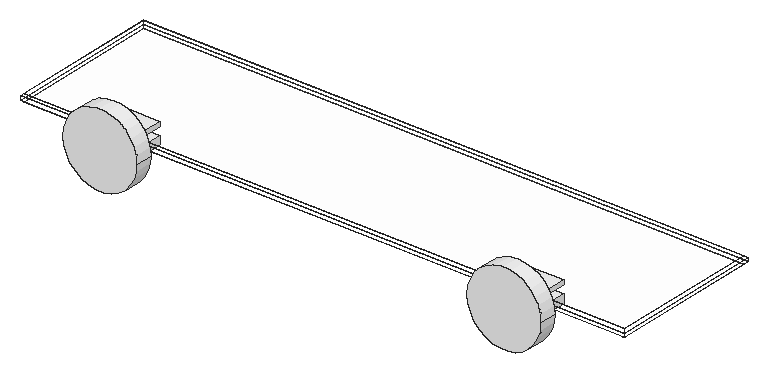
Revit family "SA-1209_Speakman_Neo_Glass Shelf (1)", category Generic Models, host Wall, Revit 2023
Family settings
  Host = Wall
  Can host rebar = No
  Round Connector Dimension = Use Diameter
  Part Type = Normal
  Always vertical = Yes
  Cut with Voids When Loaded = No
  Maintain Annotation Orientation = No
  Shared = No
  Room Calculation Point = No
Parameters
  Width = 0' - 11 13/16"
  Thickness = 0' - 0 15/64"
  MATERIAL_SA-1209 = MATERIAL_SA-1209
  Total width = 1' - 5 11/16"
  GLASS_SA-1209 = GLASS_SA-1209
  Depth = 0' - 5 1/4"
  Default Elevation = 0' - 0"
  Clip width = 0' - 1"
Reference planes (in)
  plane 1: y = 0
  plane 2 "Center (Left/Right)": x = 0
  plane 3 "Wall Edge": y = 3
  plane 4 "Center": z = 48.125
  plane 5: x = 5.90625
  plane 6: x = -5.90625
  plane 7 "Base": y = 3.5
  plane 8: y = 8.25
  plane 9: x = -8.84375
  plane 10: x = 8.84375
  plane 11: z = 48.00781
  plane 12: z = 48.24219
  plane 13: y = 3.75
  plane 14: x = 6.40625
  plane 15: x = 5.40625
  plane 16: x = -5.40625
  plane 17: x = -6.40625
  plane 18: z = 49.20768
  plane 19: z = 47.04232
Forms (in)
  Extrusion 1, solid, material "MATERIAL_SA-1209" <- "MATERIAL_SA-1209"
    sketch origin (-60, 3, 0) x (-1, 0, 0) y (0, 0, 1)
      loop
        circle (-65.90625, 48.125) r 1.08268
      loop
        circle (-54.09375, 48.125) r 1.08268
    from 0 to 0.5
  Extrusion 2, solid, material "GLASS_SA-1209" <- "GLASS_SA-1209"
    sketch origin (0, 0, 0) x (1, 0, 0) y (0, 1, 0)
      loop
        line (-8.84375, 8.25) -> (-8.84375, 3.75) -> (8.84375, 3.75) -> (8.84375, 8.25) -> (-8.84375, 8.25)
    from 48.00781 to 48.24219
  Sweep 3, void
    path in 3D
      loop
        line (8.84375, 3.75, 48.24219) -> (8.84375, 8.25, 48.24219) -> (-8.84375, 8.25, 48.24219) -> (-8.84375, 3.75, 48.24219) -> (8.84375, 3.75, 48.24219)
    profile origin (0, 3.75, 48.24219) x (0, 1, 0) y (0, 0, 1)
      loop
        line (0, 0) -> (0, -0.0625) -> (0.0625, 0) -> (0, 0)
  Sweep 4, void
    path in 3D
      loop
        line (8.84375, 3.75, 48.00781) -> (-8.84375, 3.75, 48.00781) -> (-8.84375, 8.25, 48.00781) -> (8.84375, 8.25, 48.00781) -> (8.84375, 3.75, 48.00781)
    profile origin (8.84375, 6, 48.00781) x (-1, 0, 0) y (0, 0, -1)
      loop
        line (0, 0) -> (0, -0.0625) -> (0.0625, 0) -> (0, 0)
  Extrusion 5, solid, material "MATERIAL_SA-1209" <- "MATERIAL_SA-1209"
    sketch origin (0, 0, 0) x (0, 1, 0) y (0, 0, 1)
      loop
        line (4.54903, 48.24219) -> (4.54903, 48.36719) -> (3.5, 48.36719) -> (3.5, 47.75781) -> (4.54903, 47.75781) -> (4.54903, 48.00781) -> (3.75, 48.00781) -> (3.75, 48.24219) -> (4.54903, 48.24219)
    from 5.40625 to 6.40625
  Extrusion 6, solid, material "MATERIAL_SA-1209" <- "MATERIAL_SA-1209"
    sketch origin (-11.8402, 0, 0) x (0, 1, 0) y (0, 0, 1)
      loop
        line (4.54903, 48.24219) -> (4.54903, 48.36719) -> (3.5, 48.36719) -> (3.5, 47.75781) -> (4.54903, 47.75781) -> (4.54903, 48.00781) -> (3.75, 48.00781) -> (3.75, 48.24219) -> (4.54903, 48.24219)
    from 5.43395 to 6.43395
  Extrusion 7, solid, material "MATERIAL_SA-1209" <- "MATERIAL_SA-1209"
    sketch origin (-6.40625, 0, 0) x (0, -1, 0) y (0, 0, 1)
      loop
        line (-4.29548, 47.75781) -> (-4.26423, 47.72656) -> (-4.17048, 47.72656) -> (-4.17048, 47.75781) -> (-4.29548, 47.75781)
      loop
        line (-4.01271, 47.75781) -> (-4.13771, 47.75781) -> (-4.13771, 47.72656) -> (-4.04396, 47.72656) -> (-4.01271, 47.75781)
    from -0.65625 to -0.34375
  Extrusion 8, void
    sketch origin (-6.40625, 4.13771, 47.72656) x (0, 0, 1) y (1, 0, 0)
      loop
        line (0.03125, 0.65625) -> (0, 0.65625) -> (0, 0.625) -> (0.03125, 0.65625)
      loop
        line (0.03125, 0.34375) -> (0, 0.375) -> (0, 0.34375) -> (0.03125, 0.34375)
    from -0.15072 to 0.17819
  Extrusion 9, solid, material "MATERIAL_SA-1209" <- "MATERIAL_SA-1209"
    sketch origin (6.40625, 0, 0) x (0, 1, 0) y (0, 0, 1)
      loop
        line (4.29548, 47.75781) -> (4.17048, 47.75781) -> (4.17048, 47.72656) -> (4.26423, 47.72656) -> (4.29548, 47.75781)
      loop
        line (4.13771, 47.75781) -> (4.01271, 47.75781) -> (4.04396, 47.72656) -> (4.13771, 47.72656) -> (4.13771, 47.75781)
    from -0.65625 to -0.34375
  Extrusion 10, void
    sketch origin (6.40625, 4.13771, 47.75781) x (0, 0, 1) y (-1, 0, 0)
      loop
        line (0, 0.34375) -> (-0.03125, 0.375) -> (-0.03125, 0.34375) -> (0, 0.34375)
      loop
        line (0, 0.65625) -> (-0.03125, 0.65625) -> (-0.03125, 0.625) -> (0, 0.65625)
    from -0.1799 to 0.14822
Cuts and joins
  Sweep 3, Sweep 4 cuts Extrusion 2
  Extrusion 8 cuts Extrusion 7
  joined: Extrusion 6, Extrusion 7
  Extrusion 10 cuts Extrusion 1
  Extrusion 10 cuts Extrusion 9
  joined: Extrusion 5, Extrusion 9
Lines and regions (in)
  sketch lines
    curve 1: line (-8.84375, 3.75, 48.24219) -> (8.84375, 3.75, 48.24219)
    curve 2: line (8.84375, 3.75, 48.24219) -> (8.84375, 8.25, 48.24219)
    curve 3: line (8.84375, 8.25, 48.24219) -> (-8.84375, 8.25, 48.24219)
    curve 4: line (-8.84375, 8.25, 48.24219) -> (-8.84375, 3.75, 48.24219)
    curve 5: line (8.84375, 8.25, 48.00781) -> (8.84375, 3.75, 48.00781)
    curve 6: line (-8.84375, 8.25, 48.00781) -> (8.84375, 8.25, 48.00781)
    curve 7: line (8.84375, 3.75, 48.00781) -> (-8.84375, 3.75, 48.00781)
    curve 8: line (-8.84375, 3.75, 48.00781) -> (-8.84375, 8.25, 48.00781)
Text (in)
  text "Placement Side" at (0, 40.15149, 123.01588), in view "Right"
  text "Placement Side" at (-112.58295, 24.07839, 0), in view "Ref. Level"
  text "Placement Side" at (0, 81.62555, 140.59947), in view "Left"
Dimensions and locks (in)
  locked: plane 3 "Wall Edge" to host wall
  level to plane 4 "Center" = 4' - 0 1/8"
  locked: plane 3 "Wall Edge" to plane 7 "Base" at 0.5
  "Depth": plane 3 "Wall Edge" to plane 8
  equal spacing: plane 9, plane 2 "Center (Left/Right)", plane 10
  equal spacing: plane 11, plane 4 "Center", plane 12
  "Thickness": plane 11 to plane 12
  plane 11 to plane 12 = 0' - 0 15/64"
  locked: plane 13 to plane 7 "Base" at 0.25
  equal spacing: plane 15, plane 5, plane 14
  equal spacing: plane 17, plane 6, plane 16
  "Clip width": plane 15 to plane 14
  "Clip width": plane 17 to plane 16
  Extrusion 1 to Extrusion 1 = 0' - 2.16535"
  "Total width": plane 10 to plane 9
  locked: plane 10 to plane 5 at 2.9375
  locked: plane 9 to plane 6 at 2.9375
  equal spacing: plane 6, plane 2 "Center (Left/Right)", plane 5
  plane 18 to plane 19 = 0' - 2.16535"  (x2)
  host wall to plane 8 = 0' - 5 1/4"
  plane 8 to host wall = 0' - 5 1/4"
  plane 6 to plane 5 = 0' - 11 13/16"
  plane 8 to plane 13 = 0' - 4 1/2"
  plane 7 "Base" to host wall = 0' - 0 1/2"
  host wall to plane 7 "Base" = 0' - 0 1/2"
  plane 13 to plane 8 = 0' - 4 1/2"
  plane 19 to plane 18 = 0' - 2.16535"
  aligned and locked: plane 3 "Wall Edge" to Extrusion 1  (x2)
  aligned and locked: plane 7 "Base" to Extrusion 1  (x3)
  aligned and locked: Extrusion 2 to plane 9
  aligned and locked: plane 10 to Extrusion 2
  aligned and locked: plane 8 to Extrusion 2  (x2)
  aligned and locked: Extrusion 2 to plane 13
  aligned and locked: plane 12 to Extrusion 2
  aligned and locked: plane 11 to Extrusion 2
  aligned and locked: Extrusion 5 to plane 14
  aligned and locked: plane 15 to Extrusion 5
  aligned and locked: Extrusion 6 to plane 16
  aligned and locked: plane 17 to Extrusion 6
  aligned and locked: profile plane to Sweep 4 sketch curve
  aligned and locked: Sweep 4 sketch curve to profile plane
  aligned and locked: Sweep 3 sketch curve to profile plane
  aligned and locked: profile plane to Sweep 3 sketch curve
  aligned and locked: Extrusion 5 to Extrusion 6
Automatic sketch dimensions
  Extrusion 1 sketch curve to plane 4 "Center" = 0' - 0"  (x2)
  plane 5 to Extrusion 1 sketch curve = 0' - 0"
  plane 6 to Extrusion 1 sketch curve = 0' - 0"
  Extrusion 2 sketch curve to plane 9 = 0' - 0"
  Extrusion 2 sketch curve to plane 10 = 0' - 0"
  Extrusion 2 sketch curve to plane 13 = 0' - 0"
  Extrusion 2 sketch curve to plane 8 = 0' - 0"
  Sweep 3 sketch curve to profile plane = 0' - 0 1/16"  (x2)
  Sweep 4 sketch curve to profile plane = 0' - 0 1/16"
  Sweep 4 sketch curve to Sweep 4 sketch curve = 0' - 0 1/16"
  Extrusion 5 sketch curve to plane 7 "Base" = 0' - 0"
  plane 11 to Extrusion 5 sketch curve = 0' - 0"
  Extrusion 5 sketch curve to plane 13 = 0' - 0"
  Extrusion 5 sketch curve to plane 12 = 0' - 0"
  plane 11 to Extrusion 5 sketch curve = 0' - 0 1/4"
  plane 13 to Extrusion 5 sketch curve = 0' - 0.79903"
  plane 12 to Extrusion 5 sketch curve = 0' - 0 1/8"
  Extrusion 5 sketch curve to Extrusion 5 sketch curve = 0' - 0"
  Extrusion 6 sketch curve to plane 7 "Base" = 0' - 0"
  plane 11 to Extrusion 6 sketch curve = 0' - 0"
  Extrusion 6 sketch curve to plane 13 = 0' - 0"
  Extrusion 6 sketch curve to plane 12 = 0' - 0"
  plane 11 to Extrusion 6 sketch curve = 0' - 0 1/4"
  plane 13 to Extrusion 6 sketch curve = 0' - 0.79903"
  plane 12 to Extrusion 6 sketch curve = 0' - 0 1/8"
  Extrusion 6 sketch curve to Extrusion 6 sketch curve = 0' - 0"
  Extrusion 6 to Extrusion 7 sketch curve = 0' - 0"  (x2)
  Extrusion 7 sketch curve to Extrusion 6 = 0' - 0.25355"
  Extrusion 6 to Extrusion 7 sketch curve = 0' - 0 1/32"  (x2)
  Extrusion 7 sketch curve to Extrusion 7 sketch curve = 0' - 0 1/32"  (x2)
  Extrusion 7 sketch curve to Extrusion 7 sketch curve = 0' - 0 3/32"  (x2)
  Extrusion 7 sketch curve to Extrusion 7 sketch curve = 0' - 0.03277"
  Extrusion 8 sketch curve to Extrusion 7 = 0' - 0"  (x6)
  Extrusion 7 to Extrusion 8 sketch curve = 0' - 0 1/32"  (x2)
  Extrusion 5 to Extrusion 9 sketch curve = 0' - 0"  (x2)
  Extrusion 5 to Extrusion 9 sketch curve = 0' - 0.26271"
  Extrusion 5 to Extrusion 9 sketch curve = 0' - 0 1/32"  (x2)
  Extrusion 9 sketch curve to Extrusion 9 sketch curve = 0' - 0 1/32"  (x2)
  Extrusion 9 sketch curve to Extrusion 9 sketch curve = 0' - 0 3/32"  (x2)
  Extrusion 9 sketch curve to Extrusion 9 sketch curve = 0' - 0.03277"
  Extrusion 10 sketch curve to Extrusion 9 = 0' - 0"  (x6)
  Extrusion 10 sketch curve to Extrusion 10 sketch curve = 0' - 0 1/32"  (x2)
  radius of Extrusion 1 sketch curve = 0' - 1.08268"  (x2)
